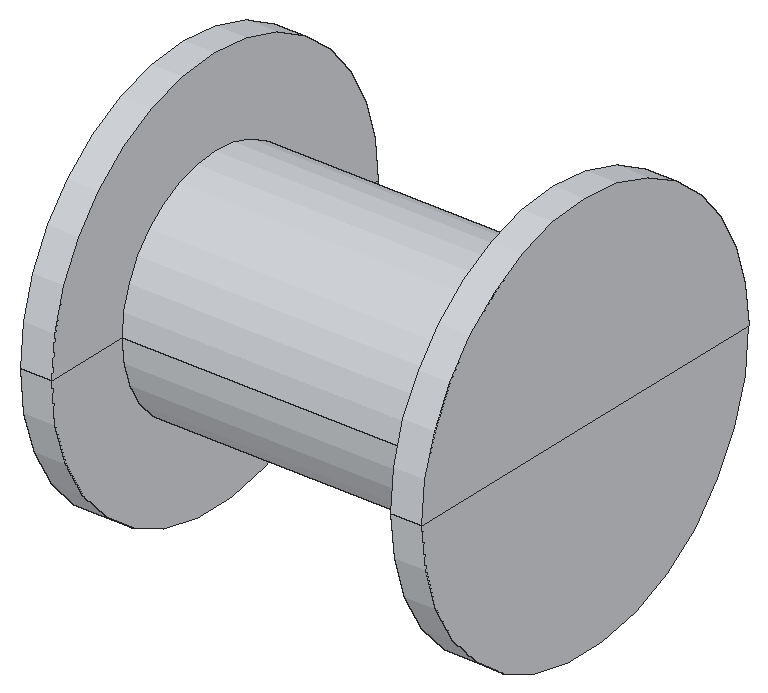
Revit family "3b61755e630448698c22cf789064233f", category Pipe Fittings, Revit 2021
Family settings
  Round Connector Dimension = Use Radius
  Part Type = Union
  OmniClass Number = 23.60.30.11.14
  OmniClass Title = Pipework Fittings
  Seek Item ID = Coupling - Generic-0000-USA-ENU
  Work Plane-Based = No
  Always vertical = Yes
  Cut with Voids When Loaded = No
  Shared = No
Parameters (values of type "Standard")
  Tick Size [instance] = Socket Outside Diameter * 0.4  # 1.7400"
  Socket Outside Radius [instance] = Socket Outside Diameter / 2  # 2.1750"
  Socket Outside Diameter [instance] = size_lookup(Lookup Table Name, "SOD", 1.08 * Nominal Diameter + 1.1200", Nominal Diameter)  # 4.3500"
  Nominal Radius [instance] = 1.5000"
  Nominal Diameter [instance] = Nominal Radius * 2  # 3.0000"
  Loss Method = K Coefficient from Table
  Lookup Table Name = "Sleeve Short Solid Compact - MJ - DI - Class 350"
  Length Not Found [instance] = if(Nominal Diameter < 14.0000", 7.5000", if(Nominal Diameter < 30.0000", 9.5000", 15.0000"))  # 7.5000"
  Length [instance] = size_lookup(Lookup Table Name, "Lgt", Length Not Found, Nominal Diameter)  # 7.5000"
  K Coefficient Table = "Reducer/Coupling/Union/Increaser"
  Gland Width [instance] = size_lookup(Lookup Table Name, "GWid", 0.03 * Nominal Diameter + 0.9400", Nominal Diameter)  # 0.5800"
  Gland Outside Radius [instance] = Gland Outside Diameter / 2  # 3.8100"
  Gland Outside Diameter [instance] = size_lookup(Lookup Table Name, "GOD", 1.16 * Nominal Diameter + 4.0300", Nominal Diameter)  # 7.6200"
  Default Elevation = 0.0000"
Reference planes (in)
  plane 1 "Center (Front/Back)": y = 0
  plane 2: z = 0
  plane 3 "Center (Left/Right)": x = 0
  plane 4: x = -3.75
  plane 5: x = 3.75
  plane 6: y = 1.74
  plane 7: y = -1.74
  plane 8: y = 2.175
  plane 9: y = 3.81
  plane 10: x = -3.17
  plane 11: x = 3.17
Forms (in)
  Revolve 1, solid, detail levels fine
    sketch origin (0, 0, 0) x (1, 0, 0) y (0, 1, 0)
      loop
        line (-3.75, 0) -> (3.75, 0) -> (3.75, 3.81) -> (3.17, 3.81) -> (3.17, 2.175) -> (-3.17, 2.175) -> (-3.17, 3.81) -> (-3.75, 3.81) -> (-3.75, 0)
      axis (-3.75, 0) -> (3.75, 0)
    angle from 0 to 360
Lines and regions (in)
  model lines, detail levels coarse+medium
    curve 1: line (-3.75, 0, 0) -> (3.75, 0, 0)
    curve 2: line (-3.75, 1.74, 0) -> (-3.75, -1.74, 0)
    curve 3: line (3.75, 1.74, 0) -> (3.75, -1.74, 0)
Dimensions and locks (in)
  equal spacing: plane 4, plane 3 "Center (Left/Right)", plane 5
  "Length": plane 4 to plane 5
  "Tick Size": plane 6 to plane 1 "Center (Front/Back)"
  "Tick Size": plane 7 to plane 1 "Center (Front/Back)"
  "Socket Outside Radius": plane 8 to plane 1 "Center (Front/Back)"
  "Gland Outside Radius": plane 9 to plane 1 "Center (Front/Back)"
  "Gland Width": plane 4 to plane 10
  "Gland Width": plane 11 to plane 5
  aligned and locked: plane 6 to curve 2
  aligned and locked: plane 7 to curve 2
  aligned and locked: curve 2 to plane 4
  aligned and locked: plane 6 to curve 3
  aligned and locked: plane 7 to curve 3
  aligned and locked: plane 5 to curve 3
  aligned and locked: plane 4 to curve 1
  aligned and locked: plane 5 to curve 1
  aligned and locked: plane 1 "Center (Front/Back)" to curve 1
  aligned and locked: plane 1 "Center (Front/Back)" to Revolve 1 sketch curve
  aligned and locked: plane 5 to Revolve 1 sketch curve
  aligned and locked: plane 11 to Revolve 1 sketch curve
  aligned and locked: Revolve 1 sketch curve to plane 9  (x2)
  aligned and locked: Revolve 1 sketch curve to plane 8
  aligned and locked: Revolve 1 sketch curve to plane 10
  aligned and locked: plane 4 to Revolve 1 sketch curve
  aligned and locked: Revolve 1 sketch curve to Revolve 1 sketch curve
Automatic sketch dimensions
  Revolve 1 sketch curve to plane 4 = 4.7500"
  Revolve 1 sketch curve to Revolve 1 sketch curve = 6.7500"
Connectors (in)
  piping at (-3.75, 0, 0), diameter 3, driven by "Nominal Radius"
    settings: on Revolve 1, index 1, connector inside diameter 3.0000", connector length 0.0000", flow factor 0, pipe flow 0 GPM, pressure drop 0.00 psi, fitting loss kfactor 0, connector angle 0.00°, fixture units 0, engagement length 0.0000", angle of deflection 0.00°, flow configuration 0, flow direction 0, fitting loss method 0, system type 28, joint type 0, gender type 0, connector reference index 2, connector utility 0, adjustable connector no, is connector primary yes, connector description ""
  piping at (3.75, 0, 0), diameter 3, driven by "Nominal Radius"
    settings: on Revolve 1, index 2, connector inside diameter 3.0000", connector length 0.0000", flow factor 0, pipe flow 0 GPM, pressure drop 0.00 psi, fitting loss kfactor 0, connector angle 0.00°, fixture units 0, engagement length 0.0000", angle of deflection 0.00°, flow configuration 0, flow direction 0, fitting loss method 0, system type 28, joint type 0, gender type 0, connector reference index 1, connector utility 0, adjustable connector no, is connector primary no, connector description ""
